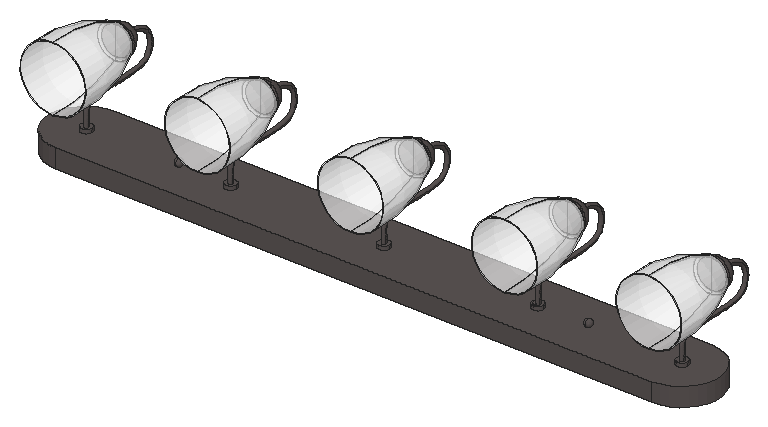
Revit family "P2713-20 5-100W MED BATH BRACKET", category Lighting Fixtures, host Face, Revit 2012
Parameters (values of type "P2713-20 5-100W MED BATH BRACKET")
  Wattage Comments = "100 W"  # constant formula
  URL = "http://www.progresslighting.com/"
  Product Page URL = "http://www.progresslighting.com/products.aspx?product=P2713-20"
  Product Documentation Link = "http://www.progresslighting.com/SpecSheets/P2713.pdf"
  Mounting = "Wall Mount"  # constant formula
  Model = "P2713-20"  # constant formula
  Manufacturer Phone = "864-678-1000"  # constant formula
  Manufacturer Fax = "864-678-1065"  # constant formula
  Manufacturer = "Progress Lighting"  # constant formula
  Lamp = "Five"  # constant formula
  Glass = Ethed Glass Shade
  Description = "Five-light bath"  # constant formula
  Default Elevation = 48"
  Back Plate = Painted Antique Bronze
Reference planes (in)
  plane 1 "Center (Front/Back)": y = 0
  plane 2: z = 0
  plane 3 "Center (Left/Right)": x = 0
  plane 4: y = 2
  plane 5: y = -1.992
  plane 6: z = 1
  plane 7: x = -11
Forms (in)
  Extrusion 1, solid, material "Painted Antique Bronze" <- "Back Plate"
    sketch origin (0, 0.53536, 0) x (1, 0, 0) y (0, 1, 0)
      loop
        arc (-16.00413, 1.46063) -> (-18.00013, -0.53537) -> (-16.00413, -2.53137) r 1.996
        line (-16.00413, -2.53137) -> (16.00397, -2.53137)
        arc (16.00397, -2.53137) -> (17.99997, -0.53537) -> (16.00397, 1.46063) r 1.996
        line (16.00397, 1.46063) -> (-16.00413, 1.46063)
    from 0 to 1
  Revolve 2, solid, material "Painted Antique Bronze" <- "Back Plate"
    sketch origin (16.63867, -0.00139, 1.08725) x (1, 0, 0) y (0, 1, 0)
      loop
        arc (-8.43867, -0.1474) -> (-8.29127, 0) -> (-8.43867, 0.1474) r 0.1474
        line (-8.43867, 0.1474) -> (-8.43867, -0.1474)
      axis (-8.43867, -0.1474) -> (-8.43867, 0.1474)
    angle from 0 to 360
  Revolve 3, solid, material "Painted Antique Bronze" <- "Back Plate"
    sketch origin (-11, 6.41395, 48) x (0, 1, 0) y (0, 0, 1)
      loop
        arc (-6.41395, -46.99999) -> (-6.22444, -46.8125) -> (-6.41395, -46.62501) r 0.1875
        line (-6.41395, -46.62501) -> (-6.41395, -46.99999)
      axis (-6.41395, -46.62501) -> (-6.41395, -46.99999)
    angle from 0 to 360
  Revolve 4, solid, material "Painted Antique Bronze" <- "Back Plate"
    sketch origin (11, 6.41395, 48) x (0, 1, 0) y (0, 0, -1)
      loop
        line (-6.41395, 46.99999) -> (-6.41395, 46.62501)
        arc (-6.41395, 46.62501) -> (-6.22444, 46.8125) -> (-6.41395, 46.99999) r 0.1875
      axis (-6.41395, 46.62501) -> (-6.41395, 46.99999)
    angle from 0 to 360
Dimensions and locks (in)
  plane 4 to plane 1 "Center (Front/Back)" = 2"
  locked: plane 6 to plane 2 at 1
  Extrusion 1 sketch curve to plane 1 "Center (Front/Back)" = 1.99598"
  Extrusion 1 sketch curve to Extrusion 1 sketch curve = 32.00811"  (x2)
  plane 5 to Extrusion 1 sketch curve = 3.98798"
  plane 1 "Center (Front/Back)" to Extrusion 1 = 1.99598"  (x2)
  plane 4 to Extrusion 1 sketch curve = 3.99601"
  locked: Extrusion 1 sketch curve to Extrusion 1 sketch curve at 3.992
  Extrusion 1 sketch curve to plane 4 = 0.00402"
  nested 1 to plane 1 "Center (Front/Back)" = 1.0562"
  nested 2 to plane 1 "Center (Front/Back)" = 1.0562"
  nested 3 to plane 1 "Center (Front/Back)" = 1.0562"
  locked: Revolve 2 sketch curve to Revolve 2 sketch curve at 0.35175
  plane 3 "Center (Left/Right)" to Revolve 2 sketch curve = 8.2"
  locked: plane 1 "Center (Front/Back)" to Extrusion 1 at 1.99598
  locked: nested 1 to plane 1 "Center (Front/Back)" at 1.0562
  locked: nested 1 to plane 3 "Center (Left/Right)" at 8.25
  locked: nested 2 to plane 3 "Center (Left/Right)" at 0.02331
  locked: nested 4 to plane 1 "Center (Front/Back)" at 1.0562
  locked: nested 5 to plane 1 "Center (Front/Back)" at 1.0562
  locked: nested 5 to plane 3 "Center (Left/Right)" at 16
  plane 7 to plane 3 "Center (Left/Right)" = 11"
  radius of Extrusion 1 sketch curve = 1.996"  (x2)
  aligned and locked: plane 2 to host face
  aligned and locked: level to host face
  aligned and locked: plane 6 to Extrusion 1
  aligned and locked: Extrusion 1 to host face
  aligned and locked: plane 1 "Center (Front/Back)" to Revolve 3 sketch curve
Nested families (in)
  nested 1: "P2706" at (-8.25, -1.0562, 1), type "P2706"
  nested 2: "P2706" at (-0.02331, -1.0562, 1), type "P2706"
  nested 3: "P2706" at (8.25, -1.0562, 1), type "P2706"
  nested 4: "P2706" at (16, -1.0562, 1), type "P2706"
  nested 5: "P2706" at (-16, -1.0562, 1), type "P2706"
Connectors (in)
  electrical at (-0.00008, -0.00001, 0)
    settings: on Extrusion 1, index 1, voltage 0 V, apparent load 0 VA, apparent load phase1 0 VA, apparent load phase2 0 VA, apparent load phase3 0 VA, power factor 1, load classification "Other", number of poles 1, system type 31, power factor state 1, is connector primary yes, connector utility no, sub classification motor no, connector description ""
Definition of nested family "P2706"
  Parameters (values of type "P2706")
    Wattage = 9.2903 W
    built-in parameter 1150110 = 1 (stored number, unit not read)
    built-in parameter 1114217 = 1 (stored number, unit not read)
    built-in parameter 1150109 = 1 (stored number, unit not read)
    built-in parameter 1150134 = 3
    built-in parameter 1150113 = 1 (stored number, unit not read)
    built-in parameter 1150105 = 109.82 (stored number, unit not read)
    Lumens = 1380 lm
    built-in parameter 1150115 = 1 (stored number, unit not read)
    Light Source Symbol Size = 3"
    built-in parameter 1150137 = (empty or 0)
    built-in parameter 1150139 = (empty or 0)
    built-in parameter 1150112 = 1 (stored number, unit not read)
    built-in parameter 1150114 = 1 (stored number, unit not read)
    built-in parameter 1150132 = (empty or 0)
    built-in parameter 1150102 = (empty or 0)
    built-in parameter 1150107 = 3200 (stored number, unit not read)
    built-in parameter 1150138 = (empty or 0)
    built-in parameter 1150106 = 1.0982 (stored number, unit not read)
    Glass = Ethed Glass Shade
    built-in parameter 1150104 = 13.8 (stored number, unit not read)
    Dimming Lamp Color Temperature Shift = (empty or 0)
    Default Elevation = 48"
    Color Filter = 16777215
    built-in parameter 1114218 = 1 (stored number, unit not read)
    Back Plate = Painted Antique Bronze
    built-in parameter 1150133 = 10 (stored number, unit not read)
  Reference planes (in)
    plane 1 "Center (Front/Back)": y = 0
    plane 2: z = -1.32579
    plane 3 "Center (Left/Right)": x = 0
    plane 4: z = -1.16191
    plane 5: z = 5.17421
    plane 6: y = 3.25
    plane 7: y = -1.19391
    plane 8: z = 1.83809
    plane 9: y = 3.08236
    plane 10: z = 5.16387
    plane 11: y = 2.16225
    plane 12: z = 3.42421
    plane 13: y = 0.95179
  Forms (in)
    Extrusion 1, solid
      sketch origin (0, 0, 0) x (1, 0, 0) y (0, 1, 0)
        loop
          line (-48, 48) -> (-48, -48) -> (48, -48) -> (48, 48) -> (-48, 48)
      from -1.32579 to -12
    Extrusion 2, solid, material "Painted Antique Bronze" <- "Back Plate"
      sketch origin (0.0516, 2.05333, 0) x (1, 0, 0) y (0, 1, 0)
        loop
          circle (-0.01972, -0.99512) r 0.3
      from 0 to 0.16387
    Sweep 3, solid, material "Painted Antique Bronze" <- "Back Plate"
      path origin (0.0516, 1.98678, 0) x (0, 1, 0) y (0, 0, 1)
        loop
          spline (-0.92936, 0.16387) -> (-0.9305, 0.83136) -> (-0.73341, 1.28118) -> (-0.14975, 1.40768) -> (0.57246, 1.42309) -> (1.27196, 1.42516) -> (1.8772, 1.42987) -> (2.42911, 1.46258) -> (2.93419, 1.60051) -> (3.27733, 2.01163) -> (3.31266, 2.65062) -> (2.88802, 3.20254) -> (2.09345, 3.42421)
      profile origin (0.0516, 3.86398, 1.42987) x (0, -0.024605, 0.999697) y (1, 0, 0)
        loop
          circle (0, -0.02216) r 0.10287
    Revolve 4, solid, material "Ethed Glass Shade" <- "Glass"
      sketch origin (0.0516, 2.23183, -1.32579) x (0, 1, 0) y (0, 0, 1)
        loop
          arc (-3.42574, 2.96847) -> (-1.28591, 3.09533) -> (0.74175, 3.79073) r 7.92917
          arc (0.74175, 3.79073) -> (0.82115, 3.86355) -> (0.85053, 3.96719) r 0.19752
          line (0.85053, 3.96719) -> (0.85053, 4.75) -> (0.80053, 4.75) -> (0.80053, 3.96826)
          arc (0.80053, 3.96826) -> (0.77833, 3.88993) -> (0.71832, 3.83491) r 0.14926
          arc (0.71832, 3.83491) -> (-1.298, 3.14391) -> (-3.42574, 3.01862) r 7.87917
          line (-3.42574, 3.01862) -> (-3.42574, 2.96847)
        axis (0.85053, 4.75) -> (-3.42574, 4.75)
      angle from 0 to 360
    Revolve 5, solid, material "Painted Antique Bronze" <- "Back Plate"
      sketch origin (0.0516, 2.21594, 0) x (0, 1, 0) y (0, 0, 1)
        loop
          line (1.9006, 3.42421) -> (0.86641, 3.42421) -> (0.86641, 2.59003) -> (0.97372, 2.571)
          arc (0.97372, 2.571) -> (1.47824, 2.84497) -> (1.86429, 3.2699) r 1.71757
          arc (1.86429, 3.2699) -> (1.89041, 3.28636) -> (1.9006, 3.3155) r 0.04679
          line (1.9006, 3.3155) -> (1.9006, 3.42421)
        axis (1.9006, 3.42421) -> (0.86641, 3.42421)
      angle from 0 to 360
  Lines and regions (in)
    model lines
      curve 1: line (0, 4.11654, 3.42463) -> (0, 4.11654, 3.3155)
      curve 2: arc (0, 4.11654, 3.3155) -> (0, 4.10635, 3.28636) -> (0, 4.08023, 3.2699) r 0.04679
      curve 3: line (0, 4.15168, 3.50559) -> (0, 4.15168, 3.42463)
  Dimensions and locks (in)
    plane 4 to plane 2 = 0.16387"
    plane 8 to plane 5 = 3.33613"
    locked: plane 4 to plane 8 at 3
    plane 6 to plane 1 "Center (Front/Back)" = 3.25"
    Extrusion 1 to plane 4 to plane 5 = 0.16387" locked, 6.33613" locked
    locked: plane 7 to curve 3 at 5.3456
    plane 1 "Center (Front/Back)" to plane 7 = 1.19391"
    locked: plane 6 to plane 1 "Center (Front/Back)" at 3.25
    radius of Extrusion 2 sketch curve = 0.3"
    aligned and locked: plane 2 to Extrusion 1
    aligned and locked: Extrusion 2 to level
    aligned and locked: plane 12 to Sweep 3
    aligned and locked: Revolve 5 sketch curve to curve 1
    aligned and locked: Revolve 4 to plane 7
